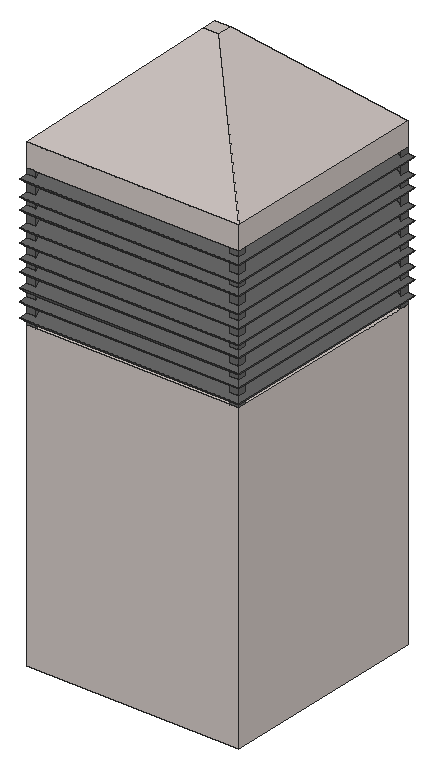
Revit family "CB9S", category Lighting Fixtures, host Face, Revit 2014
Parameters (values of type "24"")
  Wattage Comments = "37.7W"  # constant formula
  Wattage = 28 W
  built-in parameter 1150110 = 1 (stored number, unit not read)
  Voltage = 120 V
  URL = "https://www.hubbell.com/architecturalarealighting/en/"
  Type Comments = "Lighting Fixture"  # constant formula
  built-in parameter 1114217 = 1 (stored number, unit not read)
  Tilt Angle = 90.00°
  built-in parameter 1150109 = 1 (stored number, unit not read)
  built-in parameter 1150134 = 3
  built-in parameter 1150113 = 1 (stored number, unit not read)
  Grille Length = 6"
  Pyrm Top [instance] = yes
  Flat Top [instance] = not(Pyrm Top)  # no
  Copyrights = "Copyright © 2018 Hubbell"  # constant formula
  Contact Us = "https://www.hubbell.com/hubbelllightingci/en/contactUs?productId=220613"
  Body Material = Concrete-Hubbell- Sand/Cement Screed
  Shaft Height = 24"
  Collection Name = "Concrete Bollards"  # constant formula
  Create Date = "09/27/2018"  # constant formula
  Product Page URL = "https://www.hubbell.com/hubbelllightingci/en/Products/Lighting-Controls/Commercial-Outdoor-Lighting/Bollards/Concrete-Bollard---9/p/220613"
  Product Documentation Link = "https://hubbellcdn.com/specsheet/aal_cb9s_spec.pdf"
  Power Factor = 1  # constant formula
  Photometric Web Link = "https://www.hubbell.com/hubbelllightingci/en/Products/Lighting-Controls/Commercial-Outdoor-Lighting/Bollards/Concrete-Bollard---9/p/220613#prod-resources-section"
  Photometric Web File = "Cb9s-co-100MH.IES"
  Photometric Notes = "More IES files download on Photometric Web Link"  # constant formula
  OmniClass Title = "Lighting Bollard"  # constant formula
  OmniClass Number = "23.80.70.14.11.11"  # constant formula
  Number of Poles = 1
  Model = "CB9S"  # constant formula
  MasterFormat Title = "Parking Lighting, Roadway Lighting, Site Lighting"  # constant formula
  Manufacturer = "Architectural Area Lighting"  # constant formula
  built-in parameter 1150105 = 39.216 (stored number, unit not read)
  Lumens = 492.8 lm
  built-in parameter 1150115 = 1 (stored number, unit not read)
  Load Classification = Lighting
  built-in parameter 1150137 = (empty or 0)
  built-in parameter 1150139 = (empty or 0)
  built-in parameter 1150112 = 1 (stored number, unit not read)
  built-in parameter 1150114 = 1 (stored number, unit not read)
  Lamp = "LED"  # constant formula
  built-in parameter 1150132 = (empty or 0)
  built-in parameter 1150102 = (empty or 0)
  built-in parameter 1150107 = 3200 (stored number, unit not read)
  built-in parameter 1150138 = (empty or 0)
  built-in parameter 1150106 = 0.39216 (stored number, unit not read)
  Grille material = Paint - Hubbell - Carbon Black
  Glass Material = Glass-Kim Lighting-Clear
  Emit from Circle Diameter = 6"  # constant formula
  Emit Shape Visible in Rendering = no
  built-in parameter 1150104 = 1.6351 (stored number, unit not read)
  Dimming Lamp Color Temperature Shift = <None>
  Description = "Architectural Outdoor Lighting"  # constant formula
  Default Elevation = 0"
  Color Filter = 16777215
  built-in parameter 1114218 = 1 (stored number, unit not read)
  built-in parameter 1150133 = 10 (stored number, unit not read)
  Assembly Code = "D5020200"
  Apparent Load = 0 VA
Types (3): name | Shaft Height
  42" | 42"
  24" | 24"
  36" | 36"
Reference planes (in)
  plane 1 "Center (Front/Back)": y = 0
  plane 2: z = 0
  plane 3 "Center (Left/Right)": x = 2
  plane 4 "Top of Shaft": z = 20
  plane 5: z = 19
  plane 6: z = 13
  plane 7: z = 24
  plane 8: x = 6.5
  plane 9: x = -2.5
  plane 10: y = -4.5
  plane 11: y = 4.5
Forms (in)
  Extrusion 1, solid, material "Concrete-Hubbell- Sand/Cement Screed" <- "Body Material"
    sketch origin (0, 0, 42.5) x (-1, 0, 0) y (0, -1, 0)
      loop
        line (2.5, -4.5) -> (2.5, 4.5) -> (-6.5, 4.5) -> (-6.5, -4.5) -> (2.5, -4.5)
    from -42.5 to -22.5
  Blend 2, solid, material "Concrete-Hubbell- Sand/Cement Screed" <- "Body Material", visible <- "Pyrm Top"
    base sketch origin (0, 0, 42.5) x (-1, 0, 0) y (0, -1, 0)
      loop
        line (2.5, -4.5) -> (2.5, 4.5) -> (-6.5, 4.5) -> (-6.5, -4.5) -> (2.5, -4.5)
    top sketch origin (0, 0, 42.5) x (-1, 0, 0) y (0, -1, 0)
      loop
        line (-1.67695, -0.29537) -> (-1.67695, 0.322) -> (-2.33064, 0.322) -> (-2.33064, -0.29537) -> (-1.67695, -0.29537)
    from -22.5 to -18.5
  Extrusion 3, void
    sketch origin (0, 0, 42.5) x (-1, 0, 0) y (0, -1, 0)
      loop
        line (2.5, -4.5) -> (2.5, 4.5) -> (-6.5, 4.5) -> (-6.5, -4.5) -> (2.5, -4.5)
    from -29.5 to -23.5
  Sweep 4, solid, material "Paint - Hubbell - Carbon Black" <- "Grille material"
    path in 3D
      loop
        line (6.5, 4.5, 13) -> (6.5, -4.5, 13) -> (-2.5, -4.5, 13) -> (-2.5, 4.5, 13) -> (6.5, 4.5, 13)
    profile origin (2, 4.5, 13) x (0, 1, 0) y (0, 0, 1)
      loop
        line (0, 0.125) -> (0.17678, 0.30178) -> (-0.17678, 0.65533) -> (-0.35355, 0.47855) -> (0, 0.125)
      loop
        line (0, 0.74494) -> (0.17678, 0.92172) -> (-0.17678, 1.27527) -> (-0.35355, 1.09849) -> (0, 0.74494)
      loop
        line (0, 1.25095) -> (0.17678, 1.42773) -> (-0.17678, 1.78128) -> (-0.35355, 1.6045) -> (0, 1.25095)
      loop
        line (0, 1.87089) -> (0.17678, 2.04767) -> (-0.17678, 2.40122) -> (-0.35355, 2.22444) -> (0, 1.87089)
      loop
        line (0, 2.375) -> (0.17678, 2.55178) -> (-0.17678, 2.90533) -> (-0.35355, 2.72855) -> (0, 2.375)
      loop
        line (0, 2.99494) -> (0.17678, 3.17172) -> (-0.17678, 3.52527) -> (-0.35355, 3.34849) -> (0, 2.99494)
      loop
        line (0, 3.56345) -> (0.17678, 3.74023) -> (-0.17678, 4.09378) -> (-0.35355, 3.917) -> (0, 3.56345)
      loop
        line (0, 4.24589) -> (0.17678, 4.42267) -> (-0.17678, 4.77622) -> (-0.35355, 4.59944) -> (0, 4.24589)
      loop
        line (0, 4.75) -> (0.17678, 4.92678) -> (-0.17678, 5.28033) -> (-0.35355, 5.10355) -> (0, 4.75)
      loop
        line (0, 5.43244) -> (0.17678, 5.60922) -> (-0.17678, 5.96277) -> (-0.35355, 5.78599) -> (0, 5.43244)
  Extrusion 5, solid, material "Paint - Hubbell - Carbon Black" <- "Grille material"
    sketch origin (0, 0, 42.5) x (-1, 0, 0) y (0, -1, 0)
      loop
        line (2.5, -4.5) -> (2.5, -4.14645) -> (2.14645, -4.14645) -> (2.14645, -4.5) -> (2.5, -4.5)
      loop
        line (-6.5, -4.5) -> (-6.14645, -4.5) -> (-6.14645, -4.14645) -> (-6.5, -4.14645) -> (-6.5, -4.5)
      loop
        line (2.5, 4.5) -> (2.14645, 4.5) -> (2.14645, 4.14645) -> (2.5, 4.14645) -> (2.5, 4.5)
      loop
        line (-6.5, 4.5) -> (-6.5, 4.14645) -> (-6.14645, 4.14645) -> (-6.14645, 4.5) -> (-6.5, 4.5)
    from -29.5 to -23.5
  Extrusion 6, solid, material "Concrete-Hubbell- Sand/Cement Screed" <- "Body Material", visible <- "Flat Top"
    sketch origin (0, 0, 42.5) x (-1, 0, 0) y (0, -1, 0)
      loop
        line (2.5, -4.5) -> (2.5, 4.5) -> (-6.5, 4.5) -> (-6.5, -4.5) -> (2.5, -4.5)
    from -22.5 to -18.5
  Sweep 7, void
    path in 3D
      loop
        line (-2.5, -4.5, 24) -> (6.5, -4.5, 24) -> (6.5, 4.5, 24) -> (-2.5, 4.5, 24) -> (-2.5, -4.5, 24)
    profile origin (-2.5, 0, 24) x (1, 0, 0) y (0, 0, 1)
      loop
        line (0, 0) -> (0, -0.5)
        arc (0, -0.5) -> (0.26175, -0.14262) -> (0.68116, 0) r 0.73658
        line (0.68116, 0) -> (0, 0)
Cuts and joins
  Extrusion 3 cuts Extrusion 1
  Sweep 7 cuts Extrusion 6
Lines and regions (in)
  sketch lines
    curve 1: line (-2.5, 4.5, 13) -> (6.5, 4.5, 13)
    curve 2: line (6.5, 4.5, 13) -> (6.5, -4.5, 13)
    curve 3: line (6.5, -4.5, 13) -> (-2.5, -4.5, 13)
    curve 4: line (-2.5, -4.5, 13) -> (-2.5, 4.5, 13)
    curve 5: line (-2.5, 4.5, 24) -> (-2.5, -4.5, 24)
    curve 6: line (6.5, 4.5, 24) -> (-2.5, 4.5, 24)
    curve 7: line (6.5, -4.5, 24) -> (6.5, 4.5, 24)
    curve 8: line (-2.5, -4.5, 24) -> (6.5, -4.5, 24)
Dimensions and locks (in)
  "Shaft Height": plane 7 to plane 2
  plane 4 "Top of Shaft" to plane 5 = 1"
  "Grille Length": plane 5 to plane 6
  locked: plane 7 to plane 4 "Top of Shaft" at 4
  plane 4 "Top of Shaft" to Extrusion 6 = 4"
  plane 9 to plane 8 = 9"
  plane 10 to plane 11 = 9"
  equal spacing: plane 10, plane 1 "Center (Front/Back)", plane 11
  equal spacing: plane 9, plane 3 "Center (Left/Right)", plane 8
  aligned and locked: plane 2 to host face
  aligned and locked: level to host face
  aligned and locked: plane 1 "Center (Front/Back)" to imposter light
  aligned and locked: imposter light to plane 3 "Center (Left/Right)"
  aligned and locked: plane 4 "Top of Shaft" to Extrusion 1
  aligned and locked: Blend 2 to Extrusion 1
  aligned and locked: plane 7 to Blend 2
  aligned and locked: Extrusion 3 to plane 6
  aligned and locked: plane 5 to Extrusion 3
  aligned and locked: plane 5 to cut or joined group of Extrusion 1, Extrusion 3
  aligned and locked: cut or joined group of Extrusion 1, Extrusion 3 to plane 6
  aligned and locked: Extrusion 5 to plane 6
  aligned and locked: Extrusion 5 to cut or joined group of Extrusion 1, Extrusion 3
  aligned and locked: imposter light to cut or joined group of Extrusion 1, Extrusion 3
  aligned and locked: Extrusion 6 to plane 4 "Top of Shaft"
  aligned and locked: plane 7 to Extrusion 6
  aligned and locked: plane 8 to Extrusion 6
  aligned and locked: Extrusion 6 to plane 9
  aligned and locked: Extrusion 6 to cut or joined group of Extrusion 1, Extrusion 3
Automatic sketch dimensions
  host sketch curve to host sketch curve = 96"  (x2)
  Extrusion 1 sketch curve to plane 8 = 0"
  Extrusion 1 sketch curve to plane 9 = 0"
  plane 11 to Extrusion 1 sketch curve = 0"
  plane 10 to Extrusion 1 sketch curve = 0"
  Blend 2 sketch curve to plane 8 = 0"
  Blend 2 sketch curve to plane 9 = 0"
  plane 11 to Blend 2 sketch curve = 0"
  plane 10 to Blend 2 sketch curve = 0"
  plane 3 "Center (Left/Right)" to Blend 2 sketch curve = 0.33064"
  Blend 2 sketch curve to plane 3 "Center (Left/Right)" = 0.32305"
  Blend 2 sketch curve to plane 1 "Center (Front/Back)" = 0.29537"
  plane 1 "Center (Front/Back)" to Blend 2 sketch curve = 0.322"
  Extrusion 3 sketch curve to plane 8 = 0"
  Extrusion 3 sketch curve to plane 9 = 0"
  plane 11 to Extrusion 3 sketch curve = 0"
  plane 10 to Extrusion 3 sketch curve = 0"
  Sweep 4 sketch curve to profile plane = 0"  (x10)
  profile plane to Sweep 4 sketch curve = 1/8"
  profile plane to Sweep 4 sketch curve = 0.17678"  (x10)
  Sweep 4 sketch curve to Sweep 4 sketch curve = 0.17678"  (x19)
  profile plane to Sweep 4 sketch curve = 0.30178"
  Sweep 4 sketch curve to Sweep 4 sketch curve = 0.08961"  (x3)
  Sweep 4 sketch curve to Sweep 4 sketch curve = 0.02432"
  Sweep 4 sketch curve to Sweep 4 sketch curve = 0.02622"  (x2)
  Sweep 4 sketch curve to Sweep 4 sketch curve = 0.03818"
  Sweep 4 sketch curve to Sweep 4 sketch curve = 0.15211"  (x2)
  Extrusion 5 sketch curve to plane 8 = 0"  (x2)
  plane 11 to Extrusion 5 sketch curve = 0"  (x2)
  plane 10 to Extrusion 5 sketch curve = 0"  (x2)
  Extrusion 5 sketch curve to plane 9 = 0"  (x2)
  Extrusion 5 sketch curve to plane 8 = 0.35355"  (x2)
  plane 9 to Extrusion 5 sketch curve = 0.35355"  (x2)
  Extrusion 5 sketch curve to Extrusion 5 sketch curve = 0.35355"  (x2)
  Extrusion 5 sketch curve to plane 10 = 0.35355"  (x2)
  plane 8 to Extrusion 6 sketch curve = 0"
  Extrusion 6 sketch curve to plane 9 = 0"
  Extrusion 6 sketch curve to plane 11 = 0"
  plane 10 to Extrusion 6 sketch curve = 0"
  profile plane to Sweep 7 sketch curve = 0"
  Sweep 7 sketch curve to profile plane = 0"
  Sweep 7 sketch curve to profile plane = 0.69761"
  Sweep 7 sketch curve to profile plane = 0.7364"
  Sweep 7 sketch curve to profile plane = 0.68116"
